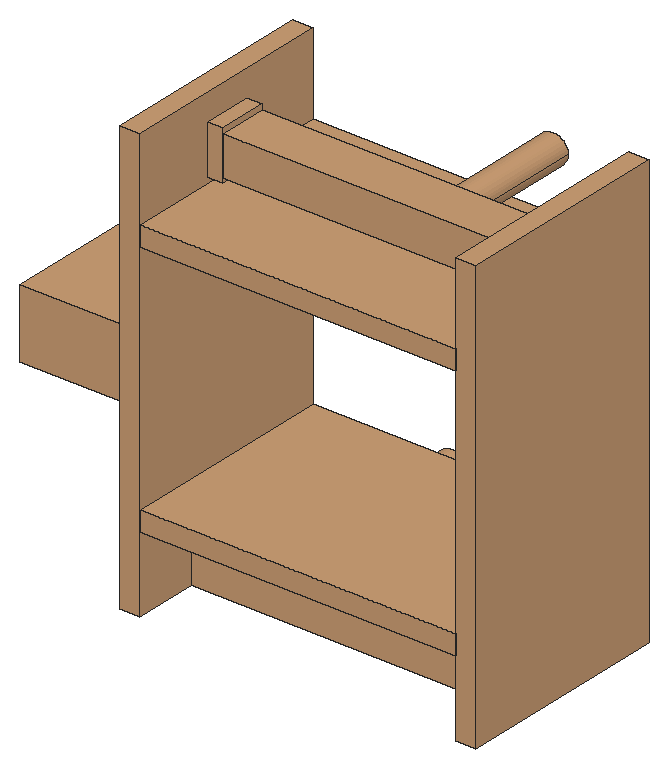
Revit family
Parameters
  Center Of Unit = 0' - 0"  # constant formula
  Water Pressure Drop [instance] = 0.00 psi
  Water Flow [instance] = 0 GPM
  Unit Weight (lbs) = 290
  URL = "http://www.ljwing.com/"
  Water Outlet Radius = 0' - 1 1/2"
  Water Outlet Odd sizes = 0' - 5 23/64"
  Total Heating Capacity [instance] = 0.0 Btu/h
  Temperature Rise [instance] = 0 °F
  Series = "VIFB"
  Outlet Area = 5.39 SF
  Number of Rows = 1  # constant formula
  Number of Coils [instance] = 0
  Nominal Length = 3' - 0 3/16"
  Model = "VA-3"
  Manufacturer = "LJ Wing"
  Leaving Water Temperature [instance] = 0 °F
  Leaving Air Temperature [instance] = 0 °F
  Face Velocity (FPM) [instance] = 0
  Entering Water Temperature [instance] = 0 °F
  Entering Air Temperature [instance] = 0 °F
  Description = "Vertical Integral Face & Bypass Water Heating Coils"
  Hot Water Odd Sizes = 0' - 5 23/64"
  Hot Water Inlet Offset = 0' - 4 3/8"  # constant formula
  Hot Water Inlet  Radius = 0' - 1 1/2"
  Coil Face Area = Outlet Area * 0.56  # 3.0184 SF
  Casing Material = ""
  Assembly Code = "D3020300"
  Air Pressure Drop [instance] = 0.00 in-wg
  Air Inlet Width = Nominal Length - 0' 4"  # 2' - 8 3/16"
  Air Inlet Height = Y  # 2' - 0"
  Air Flow [instance] = 0 CFM
  Z = 0' - 3 3/4"
  Y = 2' - 0"
  S = 0' - 9 3/4"
  Product URL = "http://www.ljwing.com/html/vifb.asp"
  OmniClass = "23-75 70 21 14"
  Nominal Height = 3' - 8"
  Nominal Depth = 1' - 10"
  R = 0' - 10 1/4"
  Q = 0' - 3 3/32"
  P = 0' - 5 1/8"
  L = 0' - 5 15/16"
Reference planes (in)
  plane 1 "Center (Front/Back)": y = 0
  plane 2: z = -12
  plane 3 "Center (Left/Right)": x = 0
  plane 4: z = 22.25
  plane 5: x = -18.09375
  plane 6: x = 18.09375
  plane 7: z = -21.75
  plane 8: z = 0
  plane 9: y = -11
  plane 10: y = 11
  plane 11: z = 12
  plane 12: z = 14
  plane 13: z = -14
  plane 14: x = 16.09375
  plane 15: x = -16.09375
  plane 16: z = 17.125
  plane 17: z = -15.8125
  plane 18: x = -15
  plane 19: x = 15
  plane 20: y = 14.75
  plane 21: y = 15.375
  plane 22: x = -29.09375
  plane 23: x = 5.35938
  plane 24: x = -5.35937
  plane 25: z = 19.125
  plane 26: z = 15.125
  plane 27: y = -2.5
  plane 28: y = 2.5
  plane 29: y = -4.5
Forms (in)
  Extrusion 1, solid, material "Painted Finish"
    sketch origin (0, 6, -9.75) x (1, 0, 0) y (0, 0, 1)
      loop
        line (-18.09375, -12) -> (-16.09375, -12) -> (-16.09375, 32) -> (-18.09375, 32) -> (-18.09375, -12)
      loop
        line (18.09375, -12) -> (18.09375, 32) -> (16.09375, 32) -> (16.09375, -12) -> (18.09375, -12)
    from -5 to 17
  Extrusion 2, solid, material "Painted Finish"
    sketch origin (0, 6, 0) x (1, 0, 0) y (0, 0, 1)
      loop
        line (16.09375, -12) -> (-16.09375, -12) -> (-16.09375, -14) -> (16.09375, -14) -> (16.09375, -12)
      loop
        line (16.09375, 12) -> (16.09375, 14) -> (-16.09375, 14) -> (-16.09375, 12) -> (16.09375, 12)
    from -5 to 17
  Extrusion 3, solid, material "Painted Finish"
    sketch origin (0, 10, -0.5) x (1, 0, 0) y (0, 0, 1)
      loop
        line (-18.09375, 4) -> (-29.09375, 4) -> (-29.09375, -3) -> (-18.09375, -3) -> (-18.09375, 4)
    from 0 to 20
  Extrusion 4, solid, material "Painted Finish"
    sketch origin (0, 6, 0) x (1, 0, 0) y (0, 0, 1)
      loop
        line (-14.46875, 19.125) -> (-14.46875, 15.125) -> (14.46875, 15.125) -> (14.46875, 19.125) -> (-14.46875, 19.125)
    from 3.5 to 8.5
  Extrusion 5, solid, material "Painted Finish"
    sketch origin (0, 0, 0) x (1, 0, 0) y (0, 0, 1)
      loop
        line (-14.46875, 14.625) -> (-14.46875, 19.625) -> (-16.09375, 19.625) -> (-16.09375, 14.625) -> (-14.46875, 14.625)
      loop
        line (16.09375, 14.625) -> (16.09375, 19.625) -> (14.46875, 19.625) -> (14.46875, 14.625) -> (16.09375, 14.625)
    from -2.5 to 2.5
  Extrusion 6, solid, material "Painted Finish"
    sketch origin (0, 23, 0) x (1, 0, 0) y (0, 0, 1)
      loop
        circle (5.35938, 17.125) r 1.5
    from 8.25 to 20.5
  Extrusion 7, solid, material "Painted Finish"
    sketch origin (0, 6, 0) x (1, 0, 0) y (0, 0, 1)
      loop
        line (-16.09375, -14) -> (-16.09375, -21.75) -> (16.09375, -21.75) -> (16.09375, -14) -> (-16.09375, -14)
    from -5 to 10.5
  Extrusion 8, solid, material "Painted Finish"
    sketch origin (0, 23, 0) x (1, 0, 0) y (0, 0, 1)
      loop
        circle (-5.35937, -15.8125) r 1.5
    from 7.625 to 12
  Extrusion 9, void
    sketch origin (0, 0, 0) x (1, 0, 0) y (0, 0, 1)
      loop
        line (-16.09375, 12) -> (-16.09375, -12) -> (16.09375, -12) -> (16.09375, 12) -> (-16.09375, 12)
    from -11 to 11
Cuts and joins
  Extrusion 9 cuts Extrusion 1
  Extrusion 9 cuts Extrusion 2
Dimensions and locks (in)
  "Nominal Length": plane 6 to plane 5
  equal spacing: plane 6, plane 3 "Center (Left/Right)", plane 5
  "S": plane 2 to plane 7
  "Nominal Depth": plane 10 to plane 9
  equal spacing: plane 10, plane 1 "Center (Front/Back)", plane 9
  "Y": plane 11 to plane 2
  "R": plane 4 to plane 11
  locked: plane 12 to plane 11 at 2
  locked: plane 2 to plane 13 at 2
  "P": plane 4 to plane 16
  "L": plane 17 to plane 7
  "Q": plane 18 to plane 5
  "Q": plane 6 to plane 19
  "Z": plane 20 to plane 10
  "Hot Water Inlet Offset": plane 21 to plane 10
  locked: plane 5 to plane 22 at 11
  locked: Extrusion 3 sketch curve to Extrusion 3 sketch curve at 7
  locked: Extrusion 3 to Extrusion 3 at 20
  locked: plane 6 to plane 14 at 2
  locked: plane 15 to plane 5 at 2
  "Water Outlet Odd sizes": plane 23 to plane 3 "Center (Left/Right)"
  "Hot Water Odd Sizes": plane 3 "Center (Left/Right)" to plane 24
  equal spacing: plane 25, plane 16, plane 26
  locked: Extrusion 5 sketch curve to plane 25 at 0.5
  locked: plane 26 to Extrusion 5 sketch curve at 0.5
  locked: Extrusion 6 sketch curve to plane 16 at 0
  locked: Extrusion 6 sketch curve to plane 23 at 0
  locked: Extrusion 8 sketch curve to plane 17 at 0
  locked: Extrusion 8 sketch curve to plane 24 at 0
  locked: plane 25 to plane 26 at 4
  locked: plane 28 to plane 27 at 5
  equal spacing: plane 28, plane 1 "Center (Front/Back)", plane 27
  locked: plane 27 to plane 29 at 2
  plane 4 to plane 7 = 3' - 8"
  locked: Extrusion 5 sketch curve to Extrusion 1 at 1.625
  locked: Extrusion 5 sketch curve to Extrusion 5 sketch curve at 1.625
  locked: Extrusion 9 sketch curve to plane 11 at 0
  locked: Extrusion 9 sketch curve to plane 15 at 0
  locked: Extrusion 9 sketch curve to plane 14 at 0
  locked: Extrusion 9 sketch curve to plane 2 at 0
  equal spacing: plane 11, plane 8, plane 2
  "Water Outlet Radius": radius of Extrusion 6 sketch curve
  "Hot Water Inlet  Radius": radius of Extrusion 8 sketch curve
  aligned and locked: plane 9 to Extrusion 1
  aligned and locked: Extrusion 1 to plane 10
  aligned and locked: plane 15 to Extrusion 1
  aligned and locked: Extrusion 1 to plane 14
  aligned and locked: plane 9 to Extrusion 2
  aligned and locked: Extrusion 1 to plane 9
  aligned and locked: plane 10 to Extrusion 1  (x2)
  aligned and locked: Extrusion 2 to plane 10
  aligned and locked: plane 10 to Extrusion 2  (x2)
  aligned and locked: Extrusion 2 to plane 9  (x2)
  aligned and locked: plane 5 to Extrusion 3
  aligned and locked: Extrusion 5 sketch curve to plane 15
  aligned and locked: Extrusion 5 sketch curve to Extrusion 4
  aligned and locked: Extrusion 6 to plane 20
  aligned and locked: Extrusion 1 to Extrusion 7
  aligned and locked: plane 10 to Extrusion 8
  aligned and locked: Extrusion 8 to plane 21  (x2)
  aligned and locked: plane 27 to Extrusion 5
  aligned and locked: Extrusion 5 to Extrusion 4  (x2)
  aligned and locked: Extrusion 5 to plane 28
  aligned and locked: Extrusion 6 to Extrusion 4
  aligned and locked: plane 29 to Extrusion 7
  aligned and locked: Extrusion 8 to Extrusion 7
  aligned and locked: Extrusion 4 to Extrusion 5  (x2)
  aligned and locked: Extrusion 5 to Extrusion 1  (x2)
  aligned and locked: plane 2 to Extrusion 2
  aligned and locked: plane 6 to Extrusion 1 sketch curve
  aligned and locked: plane 14 to Extrusion 1 sketch curve
  aligned and locked: Extrusion 1 sketch curve to plane 15
  aligned and locked: Extrusion 1 sketch curve to plane 5
  aligned and locked: plane 7 to Extrusion 1 sketch curve  (x2)
  aligned and locked: Extrusion 1 sketch curve to plane 4  (x2)
  aligned and locked: Extrusion 2 sketch curve to plane 11
  aligned and locked: Extrusion 2 sketch curve to plane 12
  aligned and locked: Extrusion 2 sketch curve to plane 14  (x2)
  aligned and locked: Extrusion 2 sketch curve to plane 15  (x2)
  aligned and locked: Extrusion 2 sketch curve to plane 13
  aligned and locked: plane 2 to Extrusion 2 sketch curve
  aligned and locked: plane 13 to Extrusion 7 sketch curve
  aligned and locked: Extrusion 7 sketch curve to plane 7
  aligned and locked: Extrusion 7 sketch curve to plane 14
  aligned and locked: plane 15 to Extrusion 7 sketch curve
  aligned and locked: Extrusion 7 to plane 29
  aligned and locked: cut or joined group of Extrusion 1, Extrusion 9 to plane 10
Automatic sketch dimensions
  Extrusion 3 sketch curve to plane 22 = 0' - 0"
  Extrusion 3 sketch curve to plane 5 = 0' - 0"
  plane 8 to Extrusion 3 sketch curve = 0' - 3 1/2"
  Extrusion 4 sketch curve to plane 25 = 0' - 0"
  Extrusion 4 sketch curve to plane 26 = 0' - 0"
  plane 18 to Extrusion 4 sketch curve = 0' - 0 17/32"
  Extrusion 4 sketch curve to plane 19 = 0' - 0 17/32"
  plane 26 to Extrusion 5 sketch curve = 0' - 0 1/2"
  Extrusion 5 sketch curve to plane 25 = 0' - 0 1/2"
Connectors (in)
  hvac at (0, -11, 0), driven by "Air Inlet Height", driven by "Air Inlet Width", driven by "Air Flow", driven by "Air Pressure Drop"
    settings: on Extrusion 9, index 1
  hvac at (0, 11, 0), driven by "Air Pressure Drop", driven by "Air Inlet Height", driven by "Air Inlet Width", driven by "Air Flow"
    settings: on Extrusion 9, index 2
  piping at (5.35938, 14.75, 17.125), driven by "Water Flow", driven by "Water Outlet Radius", driven by "Water Pressure Drop"
    settings: on Extrusion 6, index 3
  piping at (-5.35937, 15.375, -15.8125), driven by "Water Flow", driven by "Water Pressure Drop", driven by "Hot Water Inlet  Radius"
    settings: on Extrusion 8, index 4
